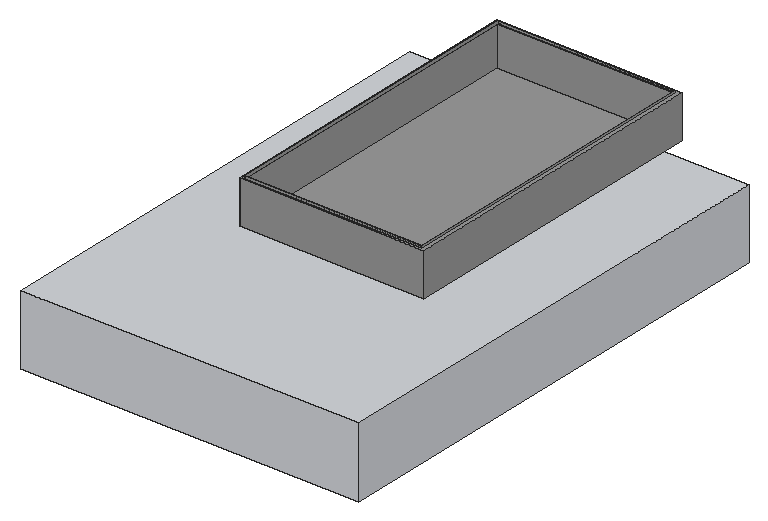
Revit family "Hager-Univers-IP30-D205-H1400-Cl.II-Encl-CH-it", category Equipement électrique, Revit 2020
Family settings
  Hôte = Face
  Configuration du panneau = Deux colonnes, circuits au sein
  Cote de connecteur circulaire = Utiliser le diamètre
  Type d'élément = Tableau de raccordement
  Couper avec des vides une fois chargée = Non
  Partagée = Non
  Point de calcul de pièce = Non
Parameters (values of type "A parete IP30 L800 A1400 P205  - FP93Q1S")
  Width Control [instance] = if([EF000008 - Larghezza] > Min Width, [EF000008 - Larghezza], Min Width)  # 800 mm
  Commentaires du type = [HG000003 - Gamma]  # "Univers"
  Thickness Door [instance] = if([EF009171 - spessore materiale porta/coperchio] > 3 mm, 3 mm, [EF009171 - spessore materiale porta/coperchio])  # 1 mm
  Seal Frame Offset [instance] = 17 mm  # constant formula
  Plinth Visibility [instance] = [HG000027 - Altezza dello zoccolo] > 0 mm  # no
  Model = ""
  Min Width [instance] = 100 mm  # constant formula
  Min Height [instance] = 100 mm  # constant formula
  Min Depth [instance] = (2 * [EF009170 - spessore materiale scatola]) + 1 mm  # 3 mm
  Internal Frame Depth [instance] = (Door System Depth * 0.5)  # 9 mm
  Height Control [instance] = if([EF000040 - Altezza] > Min Height, [EF000040 - Altezza], Min Height)  # 1400 mm
  HG000027 - Altezza dello zoccolo = 0 mm
  HG000026 - A pavimento = no
  HG000024 - Altezza della sezione inferiore = 800 mm
  HG000023 - Custodia a doppia sezione = no
  HG000016 - Visibilità delle porte nella vista 3D [instance] = yes
  HG000015 - Visibilità attraverso la porta [instance] = no
  HG000014 - Porta destra [instance] = yes
  HG000013 - Porta sinistra [instance] = not([HG000014 - Porta destra])  # no
  HG000012 - Angolo di apertura della porta [instance] = 30.00°
  HG000010 - Porte asimmetriche = no
  HG000009 - Porta doppia a battente = no
  HG000006 - Ad incasso = no
  HG000004 - Codice produttore = "FP93Q1S"
  HG000003 - Gamma = "Univers"
  HG000002 - Con porta = no
  Frame Offset Bottom [instance] = 10 mm  # constant formula
  Frame Offset [instance] = 15 mm  # constant formula
  EF015940 - Coprire con rilascio di sovrapressione = no
  EF011959 - tipo di protezione (NEMA) = ""
  EF009554 - numero delle aperture per la piastra della flangia = 6
  Fabricant = "Hager"  # constant formula
  EF009212 - esecuzione coperchio = "EV009916 - con taglio"
  EF009171 - spessore materiale porta/coperchio = 1 mm
  EF009170 - spessore materiale scatola = 1 mm
  EF008873 - corrente nominale (In) = 250 A
  EF007800 - adatto per parafulmine = no
  EF006306 - con serratura = no
  EF006244 - coperchio/porta trasparente = no
  EF005474 - grado di protezione (IP) = "EV006410 - IP30"
  EF004464 - tipo di porta = "EV000494 - senza"
  EF004427 - numero di moduli = 324
  EF004293 - resistenza agli urti = "EV006813 - IK07"
  EF003532 - adatto per uso esterno = no
  EF002950 - Numero moduli DIN = 36
  EF001613 - Integrità del circuito = "EV000494 - senza"
  EF001596 - Attacco Lampada = "EV000179 - acciaio"
  EF001131 - profondità interna = 130 mm
  EF001088 - possibilità di applicazione = yes
  EF000437 - numero di ingressi per conduttori = 6
  EF000339 - tipo di copertura = "EV000494 - senza"
  EF000266 - numero di file = 9
  EF000218 - profondità di incasso = 0 mm
  EF000118 - con piastra di montaggio = no
  EF000116 - numero RAL = "9010"
  EF000049 - profondità = 205 mm
  EF000040 - Altezza = 1400 mm
  EF000008 - Larghezza = 800 mm
  EF000007 - colore = "EV000202 - bianco"
  EF000003 - Tipo di montaggio = "EV000384 - A parete"
  Door System Leaf Tolerance [instance] = 1.5 mm  # constant formula
  Door System Depth [instance] = 18 mm  # constant formula
  Door Height [instance] = Height Control - [HG000027 - Altezza dello zoccolo]  # 1400 mm
  Depth Control [instance] = if([EF000049 - profondità] > Min Depth, [EF000049 - profondità], Min Depth)  # 205 mm
  Default Elevation = 0 mm
  Connector Offset [instance] = Height Control / 2  # 700 mm
  Bottom Top Plate Trim [instance] = 1.5 mm  # constant formula
  Plinth height Ctrl [instance] = if([HG000027 - Altezza dello zoccolo] > 0 mm, [HG000027 - Altezza dello zoccolo], 12 mm)  # 12 mm
Types (5, lengths in mm): name | Width Control | HG000004 - Codice produttore | EF009554 - numero delle aperture per la piastra della flangia | EF004427 - numero di moduli | EF002950 - Numero moduli DIN | EF000437 - numero di ingressi per conduttori | EF000008 - Larghezza
  A parete IP30 L1050 A1400 P205  - FP94Q1S | 1050 | "FP94Q1S" | 8 | 432 | 48 | 8 | 1050
  A parete IP30 L1300 A1400 P205  - FP95Q1S | 1300 | "FP95Q1S" | 10 | 540 | 60 | 10 | 1300
  A parete IP30 L300 A1400 P205  - FP91Q1S | 300 | "FP91Q1S" | 2 | 108 | 12 | 2 | 300
  A parete IP30 L550 A1400 P205  - FP92Q1S | 550 | "FP92Q1S" | 4 | 216 | 24 | 4 | 550
  A parete IP30 L800 A1400 P205  - FP93Q1S | 800 | "FP93Q1S" | 6 | 324 | 36 | 6 | 800
Reference planes
  plane 1 "Center (Front/Back)": y = 0
  plane 2: z = 0
  plane 3 "Center (Left/Right)": x = 0
  plane 4: z = 205
  plane 5: y = 1
  plane 6: y = 700
  plane 7: y = 0
  plane 8: y = 1400
  plane 9: z = 0
  plane 10: x = -385
  plane 11: x = 385
  plane 12: x = 384
  plane 13: x = -384
  plane 14: y = 1399
  plane 15: x = -383
  plane 16: x = -400
  plane 17: x = 383
  plane 18: x = 400
  plane 19: x = 399
  plane 20: x = -399
  plane 21: y = 11
  plane 22: y = 1400
  plane 23: y = 1384
  plane 24: z = 187
  plane 25: z = 1
  plane 26: z = 186
  plane 27: z = 204
Forms (mm)
  Extrusion 1, solid
    sketch origin (0, 0, 0) x (1, 0, 0) y (0, 1, 0)
      loop
        line (-702.964, 1305) -> (-702.964, -811.445) -> (766.763, -811.445) -> (766.763, 1305) -> (-702.964, 1305)
    from 0 to -304.8
  Extrusion 2, solid, material "Hager_Steel_RAL7035_Light_Grey", visible <- "Plinth Visibility", detail levels medium+fine
    sketch origin (0, 0, 0) x (1, 0, 0) y (0, 1, 0)
      loop
        line (-400, 0) -> (400, 0) -> (400, 12) -> (-400, 12) -> (-400, 0)
    from 0 to 187
  Extrusion 3, solid, material "Hager_Steel_RAL7035_Light_Grey", detail levels medium+fine
    sketch origin (0, 0, 0) x (1, 0, 0) y (0, 1, 0)
      loop
        line (-400, 0) -> (400, 0) -> (400, 1400) -> (-400, 1400) -> (-400, 0)
    from 0 to 187
  Extrusion 4, void
    sketch origin (0, 0, 0) x (1, 0, 0) y (0, 1, 0)
      loop
        line (-399, 1) -> (399, 1) -> (399, 1399) -> (-399, 1399) -> (-399, 1)
    from 1 to 186
  Extrusion 5, void
    sketch origin (-381.607, -4572, 187) x (0, -1, 0) y (-1, 0, 0)
      loop
        line (-4583, 2.393) -> (-5956, 2.393) -> (-5956, -765.607) -> (-4583, -765.607) -> (-4583, 2.393)
    from 0 to 1 <- "EF009170 - spessore materiale scatola"
  Extrusion 6, solid, material "Hager_Steel_RAL7035_Light_Grey", detail levels fine
    sketch origin (0, 0, 187) x (1, 0, 0) y (0, 1, 0)
      loop
        line (-384, 1384) -> (-384, 11) -> (384, 11) -> (384, 1384) -> (-384, 1384)
      loop
        line (-385, 10) -> (385, 10) -> (385, 1385) -> (-385, 1385) -> (-385, 10)
    from 0 to 9 <- "Internal Frame Depth"
  Extrusion 7, solid, material "Hager_Steel_RAL7035_Light_Grey", detail levels coarse
    sketch origin (0, 0, 0) x (1, 0, 0) y (0, 1, 0)
      loop
        line (-400, 0) -> (400, 0) -> (400, 1400) -> (-400, 1400) -> (-400, 0)
    from 0 to 205
  Sweep 8, void
    path in 3D
      loop
        line (-400, 12, 0) -> (400, 12, 0) -> (400, 12, 187) -> (-400, 12, 187) -> (-400, 12, 0)
    profile origin (-400, 12, 93.5) x (-1, 0, 0) y (0, -1, 0)
      loop
        line (0, 0) -> (0, 1.5) -> (-1.5, 1.5)
        arc (-1.5, 1.5) -> (-1.061, 0.439) -> (0, 0) r 1.5
Cuts and joins
  Extrusion 4, Extrusion 5 cuts Extrusion 3
  Sweep 8 cuts Extrusion 2
Lines and regions (mm)
  Masking region 1
    outline origin (0, 0, 0) x (1, 0, 0) y (0, 0, 1)
      loop
        line (-400, 205) -> (-400, 0) -> (400, 0) -> (400, 205) -> (-400, 205)
  Masking region 2, detail levels medium+fine
    outline origin (0, 140, 0) x (0, 1, 0) y (0, 0, 1)
      loop
        line (-140, 0) -> (1260, 0) -> (1260, 187) -> (-140, 187) -> (-140, 0)
  Masking region 3, not visible, detail levels medium+fine
    outline origin (0, 297.922, 0) x (0, 1, 0) y (0, 0, 1)
      loop
        line (413.578, 0) -> (453.578, 0) -> (453.578, 194)
        arc (453.578, 194) -> (450.649, 201.071) -> (443.578, 204) r 10
        line (443.578, 204) -> (413.578, 204) -> (413.578, 0)
  Masking region 4, detail levels coarse
    outline origin (0, 0, 180) x (0, 1, 0) y (0, 0, 1)
      loop
        line (0, -180) -> (1400, -180) -> (1400, 25) -> (0, 25) -> (0, -180)
  Masking region 5, visible <- "Plinth Visibility", detail levels medium+fine
    outline origin (0, 52.24, 12.345) x (0, 0, -1) y (0, 1, 0)
      loop
        line (10.845, -40.24) -> (-173.155, -40.24)
        arc (-173.155, -40.24) -> (-173.594, -41.301) -> (-174.655, -41.74) r 1.5
        line (-174.655, -41.74) -> (-174.655, -52.24) -> (12.345, -52.24) -> (12.345, -41.74)
        arc (12.345, -41.74) -> (11.285, -41.301) -> (10.845, -40.24) r 1.5
  Masking region 6, detail levels medium+fine
    outline origin (-381.607, -4572, 187) x (-1, 0, 0) y (0, -1, 0)
      loop
        line (18.393, -5972) -> (18.393, -4572) -> (-781.607, -4572) -> (-781.607, -5972) -> (18.393, -5972)
  Masking region 7, visible <- "Plinth Visibility", detail levels medium+fine
    outline origin (-381.607, -4727, 187) x (-1, 0, 0) y (0, -1, 0)
      loop
        arc (16.893, -4739) -> (17.332, -4737.939) -> (18.393, -4737.5) r 1.5
        line (18.393, -4737.5) -> (18.393, -4727) -> (-781.607, -4727) -> (-781.607, -4737.5)
        arc (-781.607, -4737.5) -> (-780.546, -4737.939) -> (-780.107, -4739) r 1.5
        line (-780.107, -4739) -> (16.893, -4739)
  Masking region 8, detail levels coarse
    outline origin (-442.548, -4669.526, 187) x (-1, 0, 0) y (0, -1, 0)
      loop
        line (-42.548, -6069.526) -> (-42.548, -4669.526) -> (-842.548, -4669.526) -> (-842.548, -6069.526) -> (-42.548, -6069.526)
  sketch lines
    curve 1: line (-400, 12, 187) -> (-400, 12, 0)
    curve 2: line (400, 12, 187) -> (-400, 12, 187)
    curve 3: line (400, 12, 187) -> (400, 12, 0)
    curve 4: line (-400, 12, 0) -> (400, 12, 0)
Dimensions and locks
  "Depth Control": plane 4 to Extrusion 1
  "HG000027 - Altezza dello zoccolo": plane 1 "Center (Front/Back)" to plane 7
  "EF009170 - spessore materiale scatola": plane 5 to plane 7
  locked: connector elem to plane 3 "Center (Left/Right)"
  equal spacing: plane 8, plane 6, plane 7
  locked: connector elem to plane 6
  "EF009170 - spessore materiale scatola": plane 8 to plane 14
  "EF009170 - spessore materiale scatola": plane 10 to plane 13
  "EF009170 - spessore materiale scatola": plane 12 to plane 11
  "Frame Offset": plane 20 to plane 13
  "Frame Offset": plane 12 to plane 19
  "EF009170 - spessore materiale scatola": plane 16 to plane 20
  "EF009170 - spessore materiale scatola": plane 19 to plane 18
  "Seal Frame Offset": plane 16 to plane 15
  "Seal Frame Offset": plane 17 to plane 18
  "Frame Offset Bottom": plane 21 to plane 5
  "Frame Offset": plane 14 to plane 23
  equal spacing: plane 16, plane 3 "Center (Left/Right)", plane 18
  "Width Control": plane 16 to plane 18
  "EF009170 - spessore materiale scatola": plane 4 to plane 27
  "EF009170 - spessore materiale scatola": plane 24 to plane 26
  "EF009170 - spessore materiale scatola": plane 25 to level
  "Door System Depth": plane 4 to plane 24
  "Height Control": plane 1 "Center (Front/Back)" to Extrusion 7 sketch curve
  "Height Control": Masking region 4 sketch curve to plane 1 "Center (Front/Back)"
  "Height Control": plane 1 "Center (Front/Back)" to plane 22
  "Bottom Top Plate Trim": profile plane to Sweep 8 sketch curve
  "Bottom Top Plate Trim": Sweep 8 sketch curve to profile plane
  "Plinth height Ctrl": plane 1 "Center (Front/Back)" to Extrusion 2 sketch curve
  "Plinth height Ctrl": Masking region 5 sketch curve to plane 1 "Center (Front/Back)"
  "Plinth height Ctrl": plane 1 "Center (Front/Back)" to Masking region 7 sketch curve
  "Thickness Door": Extrusion 6 sketch curve to Extrusion 6 sketch curve  (x3)
  "Thickness Door": cut or joined group of Extrusion 3, Extrusion 4, Extrusion 5 to Extrusion 6 sketch curve
  radius of Masking region 3 sketch curve = 10 mm
  "Bottom Top Plate Trim": radius of Masking region 5 sketch curve  (x2)
  "Bottom Top Plate Trim": radius of Sweep 8 sketch curve
  "Bottom Top Plate Trim": radius of Masking region 7 sketch curve  (x2)
  aligned and locked: plane 2 to Extrusion 1
  aligned and locked: level to Extrusion 1
  aligned and locked: level to Masking region 1 sketch curve
  aligned and locked: Masking region 1 sketch curve to plane 18
  aligned and locked: Masking region 1 sketch curve to plane 16
  aligned and locked: plane 7 to Masking region 2 sketch curve
  aligned and locked: level to Masking region 3 sketch curve
  aligned and locked: Masking region 3 sketch curve to plane 27
  aligned and locked: level to Masking region 2 sketch curve
  aligned and locked: plane 1 "Center (Front/Back)" to Extrusion 2 sketch curve
  aligned and locked: Extrusion 3 sketch curve to plane 7
  aligned and locked: plane 16 to Extrusion 3 sketch curve
  aligned and locked: plane 18 to Extrusion 3 sketch curve
  aligned and locked: plane 20 to Extrusion 4 sketch curve
  aligned and locked: plane 19 to Extrusion 4 sketch curve
  aligned and locked: Extrusion 4 sketch curve to plane 5
  aligned and locked: Extrusion 4 to plane 25
  aligned and locked: plane 26 to Extrusion 4
  aligned and locked: plane 24 to Extrusion 3
  aligned and locked: Extrusion 5 sketch curve to plane 21
  aligned and locked: Extrusion 5 sketch curve to plane 13
  aligned and locked: Extrusion 5 sketch curve to plane 12
  aligned and locked: plane 18 to Extrusion 7 sketch curve
  aligned and locked: plane 1 "Center (Front/Back)" to Extrusion 7 sketch curve
  aligned and locked: plane 16 to Extrusion 7 sketch curve
  aligned and locked: plane 4 to Extrusion 7
  aligned and locked: Extrusion 7 to level
  aligned and locked: level to Masking region 4 sketch curve
  aligned and locked: Masking region 4 sketch curve to plane 1 "Center (Front/Back)"
  aligned and locked: Masking region 4 sketch curve to plane 4
  aligned and locked: nested 1 to level
  aligned and locked: nested 1 to plane 16
  aligned and locked: plane 8 to Extrusion 3 sketch curve
  aligned and locked: plane 23 to Extrusion 5 sketch curve
  aligned and locked: plane 14 to Extrusion 4 sketch curve
  aligned and locked: Masking region 2 sketch curve to plane 8
  aligned and locked: level to Masking region 5 sketch curve
  aligned and locked: plane 16 to Extrusion 2 sketch curve
  aligned and locked: plane 18 to Extrusion 2 sketch curve
  aligned and locked: Masking region 5 sketch curve to plane 24
  aligned and locked: Masking region 2 sketch curve to plane 24
  aligned and locked: plane 24 to Extrusion 2
  aligned and locked: profile plane to Sweep 8 sketch curve  (x2)
  aligned and locked: Masking region 6 sketch curve to plane 18
  aligned and locked: Masking region 6 sketch curve to plane 22
  aligned and locked: Masking region 6 sketch curve to plane 16
  aligned and locked: plane 8 to plane 22
  aligned and locked: Masking region 6 sketch curve to plane 7
  aligned and locked: Masking region 7 sketch curve to plane 16
  aligned and locked: Masking region 7 sketch curve to plane 1 "Center (Front/Back)"
  aligned and locked: Masking region 7 sketch curve to plane 18
  aligned and locked: Masking region 8 sketch curve to plane 1 "Center (Front/Back)"
  aligned and locked: Masking region 8 sketch curve to plane 18
  aligned and locked: Masking region 8 sketch curve to plane 22
  aligned and locked: Masking region 8 sketch curve to plane 16
  aligned and locked: nested 2 to plane 7
  aligned and locked: plane 3 "Center (Left/Right)" to nested 2
  aligned and locked: nested 2 to plane 24
  aligned and locked: Extrusion 6 sketch curve to cut or joined group of Extrusion 3, Extrusion 4, Extrusion 5  (x4)
Automatic sketch dimensions
  Extrusion 1 sketch curve to Extrusion 1 sketch curve = 1469.727 mm
  Extrusion 1 sketch curve to Extrusion 1 sketch curve = 2116.445 mm
  Masking region 1 sketch curve to plane 4 = 0 mm
  plane 6 to Masking region 3 sketch curve = 11.5 mm
  Masking region 3 sketch curve to Masking region 3 sketch curve = 30 mm
  Masking region 5 sketch curve to plane 1 "Center (Front/Back)" = 0 mm
Nested families
  nested 1: "Hager_Enclosure_Symbol" at (-400, 0, 0) x (1, 0, 0) z (0, -1, 0), Height <- "Depth Control", Width <- "Width Control", type "Hager_Enclosure_Symbol"
    with Width_Ctrl 800 mm, Width 800 mm, Height_Ctrl 205 mm, Height 205 mm, A_Width_Int 13.453 mm, A_Width 161.438 mm, A_Height_Ctrl 179.375 mm, A_Height 179.375 mm
  nested 2: "EC000058_Univers_Door" at (0, 0, 187) x (1, 0, 0) z (0, 1, 0), Leaf_Tolerance <- "Door System Leaf Tolerance", Angle <- "HG000012 - Angolo di apertura della porta", Door_Depth <- "Door System Depth", Door_Left <- "HG000013 - Porta sinistra", Transparent <- "EF006244 - coperchio/porta trasparente", Assymetrical <- "HG000010 - Porte asimmetriche", Width <- "Width Control", Clearance <- "HG000015 - Visibilità attraverso la porta", Double <- "HG000009 - Porta doppia a battente", 3d_Door <- "HG000016 - Visibilità delle porte nella vista 3D", Lock_Visibility <- "EF006306 - con serratura", Width_Ctrl <- "Width Control", Door_Right <- "HG000014 - Porta destra", Door <- "HG000002 - Con porta", Height <- "Door Height", Thickness <- "Thickness Door", type "EC000058_Univers_Door", detail levels medium+fine
    with min_wh 3 mm, Width_Ctrl 800 mm, Width 800 mm, Transparent no, Thickness 1 mm, Seal_Material Hager_Rubber, Lock_Visibility no, Lock_Material Hager_Plastic_RAL9005_Jet_Black, Leaf_Width 800 mm, Leaf_Tolerance_External_Sides 0 mm, Leaf_Tolerance 1.5 mm, Leaf_Offset 0 mm, Leaf_Height 1397 mm, Leaf_2_Width 800 mm, Leaf_2_Offset 400 mm, Leaf_1_Width 800 mm, Leaf_1_Offset 400 mm, Height_Ctrl 1400 mm, Height 1400 mm, Glass_Material Hager_Glass, Double_Clearance_Ctrl no, Double no, Door_Right_Ctrl no, Door_Right yes, Door_Material Hager_Steel_RAL7035_Light_Grey, Door_Left_Ctrl no, Door_Left no, Door_Depth 18 mm, Door no, Clearance_Material Hager_Clearance, Clearance_Depth 800 mm, Clearance_Ctrl no, Clearance no, Assymetrical no, Angle 30.00°, 3d_Door yes
Connectors
  electrical at (0, 700, 0)
    settings: on plane 9, index 1, voltage 0 V, apparent load 0 VA, apparent load phase1 0 VA, apparent load phase2 0 VA, apparent load phase3 0 VA, power factor 1, load classification "Other", number of poles 1, system type 30, power factor state 1, is connector primary yes, connector utility no, sub classification motor no, connector description ""
Definition of nested family "Hager_Enclosure_Symbol"
  Parameters (values of type "Hager_Enclosure_Symbol")
    Width_Ctrl [instance] = if(Width > 1 mm, Width, 1 mm)  # 102.27 mm
    Width [instance] = 102.27 mm
    Height_Ctrl [instance] = if(Height > 1 mm, Height, 1 mm)  # 66.5 mm
    A_Width_Int [instance] = if(A_Width / 12 > 2 mm, A_Width / 12, 2 mm)  # 4.364 mm
    A_Width [instance] = if(A_Height_Ctrl * 0.9 > 2 mm, A_Height_Ctrl * 0.9, 2 mm)  # 52.369 mm
    A_Height_Ctrl [instance] = if(A_Height > 2 mm, A_Height, 2 mm)  # 58.188 mm
    Height [instance] = 66.5 mm
    A_Height [instance] = Height - (Height / 8)  # 58.188 mm
  Reference planes
    plane 1 "Centre (avant/arrière)": y = 0
    plane 2: z = 0
    plane 3 "Centre (gauche/droite)": x = 0
    plane 4: x = 52.369
    plane 5: y = 33.042
    plane 6: y = 41.77
    plane 7: y = 66.5
    plane 8: x = 26.184
    plane 9: y = 37.406
    plane 10: x = 102.27
    plane 11: y = 66.5
    plane 12: y = 8.313
  Lines and regions (mm)
    Filled region 1, type "Solid_Black", in view "Niveau de réf."
      outline origin (0, 0, 0) x (1, 0, 0) y (0, 1, 0)
        loop
          line (52.369, 66.5) -> (33.188, 54.536) -> (45.365, 45.006) -> (52.369, 66.5)
    Filled region 2, type "Solid_Black", in view "Niveau de réf."
      outline origin (0, 0, 0) x (1, 0, 0) y (0, 1, 0)
        loop
          line (0, 0) -> (102.27, 0) -> (102.27, 66.5) -> (0, 0)
    detail lines, in view "Niveau de réf."
      curve 1: line (0, 8.313, 0) -> (26.184, 41.77, 0)
      curve 2: line (26.184, 41.77, 0) -> (26.184, 33.042, 0)
      curve 3: line (26.184, 33.042, 0) -> (52.369, 66.5, 0)
  Dimensions and locks
    "A_Width": plane 3 "Centre (gauche/droite)" to plane 4
    equal spacing: plane 3 "Centre (gauche/droite)", plane 8, plane 4
    equal spacing: plane 6, plane 9, plane 5
    equal spacing: curve 3, Filled region 1 sketch curve, Filled region 1 sketch curve
    "Height_Ctrl": plane 1 "Centre (avant/arrière)" to plane 11
    "A_Height_Ctrl": plane 11 to plane 12
    equal spacing: plane 11, plane 9, plane 12
    "A_Width_Int": plane 6 to plane 9
    "Width_Ctrl": plane 3 "Centre (gauche/droite)" to plane 10
    angle Filled region 1 sketch curve to curve 3 = 20.00°
    angle curve 3 to Filled region 1 sketch curve = 20.00°
    locked: curve 3 to Filled region 1 sketch curve (angle 90.00°)
    aligned and locked: plane 10 to Filled region 2
    aligned and locked: plane 11 to Filled region 2 sketch curve
    aligned and locked: plane 10 to Filled region 2 sketch curve
    aligned and locked: plane 3 "Centre (gauche/droite)" to curve 1
    aligned and locked: plane 12 to curve 1
    aligned and locked: plane 7 to plane 11
  Automatic sketch dimensions
    Filled region 1 sketch curve to plane 4 = 0 mm
    Filled region 1 sketch curve to plane 7 = 0 mm
    plane 1 "Centre (avant/arrière)" to Filled region 2 sketch curve = 0 mm
    Filled region 2 sketch curve to plane 3 "Centre (gauche/droite)" = 0 mm
    curve 2 to plane 6 = 0 mm
    curve 2 to plane 8 = 0 mm
    curve 3 to plane 4 = 0 mm
    curve 2 to plane 5 = 0 mm
    curve 3 to plane 7 = 0 mm
Definition of nested family "EC000058_Univers_Door"
  Parameters (values of type "EC000058_Univers_Door")
    min_wh [instance] = (2 * Thickness) + 1 mm  # 11 mm
    Width_Ctrl [instance] = 400 mm
    Width [instance] = 500 mm
    Transparent [instance] = yes
    Thickness [instance] = 5 mm
    Seal_Material [instance] = none
    Lock_Visibility [instance] = yes
    Lock_Material [instance] = none
    Leaf_Width [instance] = if((Width_Ctrl - 2 * Leaf_Tolerance_External_Sides) > 0 mm, (Width_Ctrl - 2 * Leaf_Tolerance_External_Sides), min_wh)  # 400 mm
    Leaf_Tolerance_External_Sides [instance] = 0 mm  # constant formula
    Leaf_Tolerance [instance] = 1.5 mm
    Leaf_Offset [instance] = 0 mm  # constant formula
    Leaf_Height [instance] = if((Height_Ctrl - 2 * Leaf_Tolerance) > 0 mm, (Height_Ctrl - 2 * Leaf_Tolerance), min_wh)  # 497 mm
    Leaf_2_Width [instance] = if(and(and(Double, Assymetrical), Door_Left), (Leaf_Width / 3) - (Leaf_Tolerance / 2), if(and(and(Double, Assymetrical), Door_Right), (Leaf_Width / 3) * 2 - (Leaf_Tolerance / 2), if(and(Double, not(Assymetrical)), (Leaf_Width / 2) - Leaf_Tolerance, Leaf_Width)))  # 400 mm
    Leaf_2_Offset [instance] = if(and(Double, Assymetrical), Leaf_2_Width / 2, if(and(Double, not(Assymetrical)), Leaf_Width / 4, Leaf_Width / 2))  # 200 mm
    Leaf_1_Width [instance] = if(and(and(Double, Assymetrical), Door_Right), (Leaf_Width / 3) - (Leaf_Tolerance / 2), if(and(and(Double, Assymetrical), Door_Left), (Width / 3) * 2 - (Leaf_Tolerance / 2), if(and(Double, not(Assymetrical)), (Leaf_Width / 2) - Leaf_Tolerance, Leaf_Width)))  # 400 mm
    Leaf_1_Offset [instance] = if(and(Double, Assymetrical), Leaf_1_Width / 2, if(and(Double, not(Assymetrical)), Leaf_Width / 4, Leaf_Width / 2))  # 200 mm
    Height_Ctrl [instance] = if(Height > min_wh, Height, min_wh)  # 500 mm
    Height [instance] = 500 mm
    Glass_Material [instance] = none
    Double_Clearance_Ctrl [instance] = and(Double, Clearance)  # no
    Double [instance] = no
    Door_Right_Ctrl [instance] = and(or(Door_Right, Double), Door)  # yes
    Door_Right [instance] = yes
    Door_Material [instance] = none
    Door_Left_Ctrl [instance] = and(or(Door_Left, Double), Door)  # no
    Door_Left [instance] = no
    Door_Depth [instance] = 30 mm
    Door [instance] = yes
    Default Elevation = 1219.2 mm
    Clearance_Material [instance] = none
    Clearance_Depth [instance] = if(Leaf_1_Width > Leaf_2_Width, Leaf_1_Width, Leaf_2_Width)  # 400 mm
    Clearance_Ctrl [instance] = and(not(Double), Clearance)  # yes
    Clearance [instance] = yes
    Assymetrical [instance] = yes
    Angle [instance] = 30.00°
    3d_Door [instance] = yes
  Reference planes
    plane 1 "Center (Front/Back)": y = 0
    plane 2 "Bottom": z = 0
    plane 3 "Center (Left/Right)": x = 0
    plane 4: z = 500
    plane 5: x = -200
    plane 6: x = 200
    plane 7: z = 500
    plane 8: x = -200
    plane 9: z = 0
    plane 10: x = 200
    plane 11: y = 0
    plane 12: z = 1.5
    plane 13: x = -600
    plane 14: y = -400
    plane 15: x = 600
    plane 16: x = 0
    plane 17: x = 0
    plane 18: x = -200
    plane 19: x = 200
    plane 20: z = 498.5
  Forms (mm)
    Extrusion 1, solid, material <- "Clearance_Material", visible <- "Double_Clearance_Ctrl"
      sketch origin (1200, 0, 0) x (1, 0, 0) y (0, 0, -1)
        loop
          line (-1800, -498.5) -> (-600, -498.5) -> (-600, 0) -> (-1800, 0) -> (-1800, -498.5)
      from 0 to -400
  Dimensions and locks
    equal spacing: plane 5, plane 3 "Center (Left/Right)", plane 6
    "Width_Ctrl": plane 5 to plane 6
    "Leaf_Offset": plane 5 to plane 8
    "Leaf_Offset": plane 6 to plane 10
    "Leaf_Offset": plane 9 to level
    "Leaf_Offset": plane 4 to plane 7
    "Height_Ctrl": plane 4 to level
    "Leaf_Tolerance": plane 12 to plane 9
    locked: plane 11 to plane 1 "Center (Front/Back)"
    "Leaf_1_Offset": plane 18 to plane 16
    "Leaf_2_Offset": plane 17 to plane 19
    "Leaf_1_Width": plane 13 to plane 8
    "Leaf_2_Width": plane 10 to plane 15
    "Clearance_Depth": plane 14 to plane 1 "Center (Front/Back)"
    "Leaf_Tolerance_External_Sides": plane 8 to plane 18
    "Leaf_Tolerance_External_Sides": plane 19 to plane 10
    "Leaf_Tolerance": plane 7 to plane 20
    aligned and locked: level to plane 2 "Bottom"
    aligned and locked: nested 1 to plane 16
    aligned and locked: nested 2 to plane 17
    aligned and locked: Extrusion 1 to plane 13
    aligned and locked: plane 15 to Extrusion 1
    aligned and locked: Extrusion 1 to plane 14
    aligned and locked: plane 12 to nested 1
    aligned and locked: nested 2 to plane 12
    aligned and locked: Extrusion 1 to plane 11
    aligned and locked: plane 20 to Extrusion 1
    aligned and locked: nested 2 to plane 11
    aligned and locked: nested 1 to plane 11
  Automatic sketch dimensions
    Extrusion 1 sketch curve to level = 0 mm
    plane 5 to Extrusion 1 sketch curve = 400 mm
    plane 6 to Extrusion 1 sketch curve = 400 mm
    Extrusion 1 sketch curve to plane 4 = 1.5 mm
  Nested families
    nested 1: "EC000058_Univers_Door_Leaf" at (0, 0, 1.5), Width <- "Leaf_1_Width", visible <- "Door_Left_Ctrl", Leaf_Height <- "Leaf_Height", Angle <- "Angle", 3d_Door <- "3d_Door", Transparent <- "Transparent", Clearance Material <- "Clearance_Material", Clearance <- "Clearance_Ctrl", Door_Material <- "Door_Material", Glass_Material <- "Glass_Material", Door_Depth <- "Door_Depth", Lock_Material <- "Lock_Material", Seal_Material <- "Seal_Material", Lock_Visibility <- "Lock_Visibility", Thickness <- "Thickness", type "EC000058_Univers_Door_Leaf"
      with Width 400 mm, Transparent_Glass_Offset 30 mm, Transparent_Ctrl yes, Transparent yes, Thickness 5 mm, Standard no, Seal_Material none, Seal_D2 8 mm, Seal_D1 1 mm, Offset_Internal_Frame 10 mm, Lock_Width 20 mm, Lock_Visibility_3d yes, Lock_Visibility yes, Lock_Thickness_3 3 mm, Lock_Thickness_2 1 mm, Lock_Thickness_1 3 mm, Lock_Radius_Offset_2 16 mm, Lock_Radius_Offset_1 15 mm, Lock_Radius_2 5 mm, Lock_Radius 6 mm, Lock_Offset 5 mm, Lock_Material none, Lock_Height 80 mm, Lock_Cover_Top_Offset_2d 17 mm, Lock_Cover_Height -65 mm, Leaf_Height 497 mm, Internal_Seal_Thickness 8 mm, Internal_Seal_Depth_2 4.5 mm, Internal_Frame_Depth 25 mm, Glass_Thickness -1 mm, Glass_Offset -2 mm, Glass_Material none, Door_Material none, Door_Depth 30 mm, Clearance Material none, Clearance yes, Angle_Ctrl 30.00°, Angle 30.00°, 3d_Door yes
    nested 2: "EC000058_Univers_Door_Leaf" at (0, 0, 1.5) x (-1, 0, 0) z (0, 0, 1), Width <- "Leaf_2_Width", visible <- "Door_Right_Ctrl", Leaf_Height <- "Leaf_Height", Angle <- "Angle", 3d_Door <- "3d_Door", Transparent <- "Transparent", Clearance Material <- "Clearance_Material", Clearance <- "Clearance_Ctrl", Door_Material <- "Door_Material", Glass_Material <- "Glass_Material", Door_Depth <- "Door_Depth", Lock_Material <- "Lock_Material", Seal_Material <- "Seal_Material", Lock_Visibility <- "Lock_Visibility", Thickness <- "Thickness", type "EC000058_Univers_Door_Leaf"
      with Width 400 mm, Transparent_Glass_Offset 30 mm, Transparent_Ctrl yes, Transparent yes, Thickness 5 mm, Standard no, Seal_Material none, Seal_D2 8 mm, Seal_D1 1 mm, Offset_Internal_Frame 10 mm, Lock_Width 20 mm, Lock_Visibility_3d yes, Lock_Visibility yes, Lock_Thickness_3 3 mm, Lock_Thickness_2 1 mm, Lock_Thickness_1 3 mm, Lock_Radius_Offset_2 16 mm, Lock_Radius_Offset_1 15 mm, Lock_Radius_2 5 mm, Lock_Radius 6 mm, Lock_Offset 5 mm, Lock_Material none, Lock_Height 80 mm, Lock_Cover_Top_Offset_2d 17 mm, Lock_Cover_Height -65 mm, Leaf_Height 497 mm, Internal_Seal_Thickness 8 mm, Internal_Seal_Depth_2 4.5 mm, Internal_Frame_Depth 25 mm, Glass_Thickness -1 mm, Glass_Offset -2 mm, Glass_Material none, Door_Material none, Door_Depth 30 mm, Clearance Material none, Clearance yes, Angle_Ctrl 30.00°, Angle 30.00°, 3d_Door yes
  Definition of nested family "EC000058_Univers_Door_Leaf"
    Parameters (values of type "EC000058_Univers_Door_Leaf")
      Width [instance] = 2000 mm
      Transparent_Glass_Offset [instance] = 30 mm
      Transparent_Ctrl [instance] = and(Transparent, [3d_Door])  # yes
      Transparent [instance] = yes
      Thickness [instance] = 5 mm
      Standard [instance] = and(not(Transparent), [3d_Door])  # no
      Seal_Material [instance] = none
      Seal_D2 [instance] = 8 mm  # constant formula
      Seal_D1 [instance] = 1 mm  # constant formula
      Offset_Internal_Frame [instance] = 10 mm  # constant formula
      Lock_Width [instance] = 20 mm  # constant formula
      Lock_Visibility_3d [instance] = and(Lock_Visibility, [3d_Door])  # yes
      Lock_Visibility [instance] = yes
      Lock_Thickness_3 [instance] = 3 mm  # constant formula
      Lock_Thickness_2 [instance] = 1 mm  # constant formula
      Lock_Thickness_1 [instance] = 3 mm  # constant formula
      Lock_Radius_Offset_2 [instance] = Lock_Radius_Offset_1 + 1 mm  # 16 mm
      Lock_Radius_Offset_1 [instance] = 15 mm  # constant formula
      Lock_Radius_2 [instance] = Lock_Radius - 1 mm  # 5 mm
      Lock_Radius [instance] = 6 mm  # constant formula
      Lock_Offset [instance] = 5 mm  # constant formula
      Lock_Material [instance] = none
      Lock_Height [instance] = 80 mm  # constant formula
      Lock_Cover_Top_Offset_2d [instance] = Lock_Radius_Offset_2 + 1 mm  # 17 mm
      Lock_Cover_Height [instance] = -(Lock_Height - Lock_Radius_Offset_1)  # -65 mm
      Leaf_Height [instance] = 2720.336 mm
      Internal_Seal_Thickness [instance] = 8 mm  # constant formula
      Internal_Seal_Depth_2 [instance] = 4.5 mm  # constant formula
      Internal_Frame_Depth [instance] = if(Door_Depth - Thickness > 5 mm, Door_Depth - Thickness, 5 mm)  # 25 mm
      Glass_Thickness [instance] = if(Thickness > 15 mm, Glass_Offset + 10 mm, -1 mm)  # -1 mm
      Glass_Offset [instance] = if(Thickness > 15 mm, -(Thickness + 10 mm) / 2, -2 mm)  # -2 mm
      Glass_Material [instance] = none
      Door_Material [instance] = none
      Door_Depth [instance] = 30 mm
      Default Elevation = 0 mm
      Clearance Material [instance] = none
      Clearance [instance] = yes
      Angle_Ctrl [instance] = if(Angle > 180.00°, 180.00°, Angle)  # 90.00°
      Angle [instance] = 90.00°
      3d_Door [instance] = yes
    Reference planes
      plane 1 "Center (Front/Back)": y = 0
      plane 2: z = 0
      plane 3 "Center (Left/Right)": x = 0
      plane 4: y = 2000
      plane 5: x = -1000
      plane 6: x = 1000
      plane 7: x = -3000
      plane 8: z = 2720.336
      plane 9: z = 30
      plane 10: z = 2690.336
      plane 11: x = 970
      plane 12: x = -970
      plane 13: y = -3
      plane 14: z = 107.833
      plane 15: y = -5
      plane 16: y = -223.314
      plane 17: x = -1000
      plane 18: z = 1360.168
      plane 19: y = 30
    Forms (mm)
      Extrusion 1, solid, material <- "Clearance Material", visible <- "Clearance"
        sketch origin (0, 0, 0) x (1, 0, 0) y (0, 0, 1)
          loop
            line (-3000, 2720.336) -> (-3000, 0) -> (1000, 0) -> (1000, 2720.336) -> (-3000, 2720.336)
        from 0 to -2000
      Extrusion 2, solid, material <- "Door_Material", visible <- "Standard", detail levels medium+fine
        sketch origin (-1000, 0, 0) x (0, 1, 0) y (-1, 0, 0)
          loop
            line (0, 30) -> (0, 25) -> (2000, 25) -> (2000, 30) -> (0, 30)
        from 0 to 2720.336 <- "Leaf_Height"
      Extrusion 3, solid, material <- "Door_Material", visible <- "Transparent_Ctrl", detail levels medium+fine
        sketch origin (-1000, 0, 0) x (0, 1, 0) y (-1, 0, 0)
          loop
            line (0, 25) -> (2000, 25) -> (2000, 30) -> (0, 30) -> (0, 25)
        from 0 to 2720.336 <- "Leaf_Height"
      Extrusion 4, void
        sketch origin (-1025, 2000, 0) x (0, 1, 0) y (0, 0, -1)
          loop
            line (-30, -2690.336) -> (-30, -30) -> (-1970, -30) -> (-1970, -2690.336) -> (-30, -2690.336)
        from 0 to 5 <- "Thickness"
      Sweep 5, solid, material <- "Seal_Material", visible <- "Transparent_Ctrl", detail levels fine
        path in 3D
          loop
            line (-1025, 30, 30) -> (-1025, 30, 2690.336) -> (-1025, 1970, 2690.336) -> (-1025, 1970, 30) -> (-1025, 30, 30)
        profile origin (-1025, 1000, 30) x (1, 0, 0) y (0, 0, 1)
          loop
            line (0, 0) -> (0, -8) -> (1, -8) -> (1, 0) -> (0, 0)
      Extrusion 6, solid, material <- "Glass_Material", visible <- "Transparent_Ctrl", detail levels medium+fine
        sketch origin (-1030, 0, 0) x (0, 1, 0) y (0, 0, -1)
          loop
            line (1970, -2690.336) -> (1970, -30) -> (30, -30) -> (30, -2690.336) -> (1970, -2690.336)
        from -2 <- "Glass_Offset" to -1 <- "Glass_Thickness"
      Extrusion 7, solid, material <- "Door_Material", visible <- "3d_Door", detail levels medium+fine
        sketch origin (-1025, 2000, 0) x (0, -1, 0) y (0, 0, -1)
          loop
            line (0, -2720.336) -> (2000, -2720.336) -> (2000, 0) -> (0, 0) -> (0, -2720.336)
          loop
            line (1995, -5) -> (5, -5) -> (5, -2715.336) -> (1995, -2715.336) -> (1995, -5)
        from 0 to 25 <- "Internal_Frame_Depth"
      Sweep 8, solid, material <- "Seal_Material", visible <- "Transparent_Ctrl", detail levels fine
        path in 3D
          loop
            line (-1025, 0, 0) -> (-1025, 2000, 0) -> (-1025, 2000, 2720.336) -> (-1025, 0, 2720.336) -> (-1025, 0, 0)
        profile origin (-1025, 0, 1360.168) x (1, 0, 0) y (0, 1, 0)
          loop
            line (0, 10) -> (2.975, 10)
            arc (2.975, 10) -> (4.053, 10.447) -> (4.5, 11.525) r 1.525
            line (4.5, 11.525) -> (4.5, 16.527)
            arc (4.5, 16.527) -> (4.069, 17.569) -> (3.027, 18) r 1.473
            line (3.027, 18) -> (0, 18) -> (0, 10)
      Extrusion 9, solid, material <- "Lock_Material", visible <- "Lock_Visibility_3d", detail levels fine
        sketch origin (-1030, 0, 0) x (0, 1, 0) y (0, 0, -1)
          loop
            arc (1993.5, -1400.168) -> (1994.561, -1399.729) -> (1995, -1398.668) r 1.5
            line (1995, -1398.668) -> (1995, -1320.168) -> (1975, -1320.168) -> (1975, -1398.668)
            arc (1975, -1398.668) -> (1975.439, -1399.729) -> (1976.5, -1400.168) r 1.5
            line (1976.5, -1400.168) -> (1993.5, -1400.168)
        from 3 <- "Lock_Thickness_1" to 0
      Blend 10, solid, material <- "Lock_Material", visible <- "Lock_Visibility_3d", detail levels fine
        base sketch origin (-1033, 0, 0) x (0, 1, 0) y (0, 0, -1)
          loop
            line (1975, -1320.168) -> (1975, -1398.668)
            arc (1975, -1398.668) -> (1975.439, -1399.729) -> (1976.5, -1400.168) r 1.5
            line (1976.5, -1400.168) -> (1993.5, -1400.168)
            arc (1993.5, -1400.168) -> (1994.561, -1399.729) -> (1995, -1398.668) r 1.5
            line (1995, -1398.668) -> (1995, -1320.168) -> (1975, -1320.168)
        top sketch origin (-1033, 0, 0) x (0, 1, 0) y (0, 0, -1)
          loop
            line (1976, -1320.168) -> (1976, -1398.668)
            arc (1976, -1398.668) -> (1976.146, -1399.022) -> (1976.5, -1399.168) r 0.5
            line (1976.5, -1399.168) -> (1993.5, -1399.168)
            arc (1993.5, -1399.168) -> (1993.854, -1399.022) -> (1994, -1398.668) r 0.5
            line (1994, -1398.668) -> (1994, -1320.168) -> (1976, -1320.168)
        from 0 to 1 <- "Lock_Thickness_2"
      Blend 11, solid, material <- "Lock_Material", visible <- "Lock_Visibility_3d", detail levels fine
        base sketch origin (-1034, 0, 0) x (0, 1, 0) y (0, 0, -1)
          loop
            line (1978, -1320.168) -> (1978, -1384.168)
            arc (1978, -1384.168) -> (1985, -1391.168) -> (1992, -1384.168) r 7
            line (1992, -1384.168) -> (1992, -1320.168) -> (1978, -1320.168)
        top sketch origin (-1034, 0, 0) x (0, 1, 0) y (0, 0, -1)
          loop
            line (1991, -1320.168) -> (1979, -1320.168) -> (1979, -1383.168)
            arc (1979, -1383.168) -> (1985, -1389.168) -> (1991, -1383.168) r 6
            line (1991, -1383.168) -> (1991, -1320.168)
        from 0 to 3 <- "Lock_Thickness_3"
      Extrusion 12, solid, material <- "Lock_Material", visible <- "Lock_Visibility_3d", detail levels fine
        sketch origin (-1030, 1975, 1320.168) x (1, 0, 0) y (0, -1, 0)
          loop
            line (-7, -19) -> (-7, -1) -> (0, -1) -> (0, 0) -> (-8, 0) -> (-8, -20) -> (0, -20) -> (0, -19) -> (-7, -19)
        from 0 to -65 <- "Lock_Cover_Height"
      Extrusion 13, void
        sketch origin (-1038, 1995, 1320.168) x (-1, 0, 0) y (0, 0, -1)
          loop
            line (-5, -65) -> (0, -65) -> (-5, -60) -> (-5, -65)
        from 0 to 20 <- "Lock_Width"
      Extrusion 14, void
        sketch origin (-1038, 1975, 1320.168) x (0, -1, 0) y (0, 0, -1)
          loop
            circle (-10, -15.995) r 6
          loop
            circle (-10, -15.995) r 5
        from 0 to 2
      Extrusion 15, solid, material <- "Lock_Material", visible <- "Lock_Visibility_3d", detail levels medium
        sketch origin (-1030, 0, 0) x (0, 1, 0) y (0, 0, -1)
          loop
            arc (1993.5, -1400.168) -> (1994.561, -1399.729) -> (1995, -1398.668) r 1.5
            line (1995, -1398.668) -> (1995, -1320.168) -> (1975, -1320.168) -> (1975, -1398.668)
            arc (1975, -1398.668) -> (1975.439, -1399.729) -> (1976.5, -1400.168) r 1.5
            line (1976.5, -1400.168) -> (1993.5, -1400.168)
        from 8 to 0
    Cuts and joins
      Extrusion 4 cuts Extrusion 3
      Extrusion 13, Extrusion 14 cuts Extrusion 9
      Extrusion 14 cuts Blend 11
      Extrusion 13, Extrusion 14 cuts Extrusion 12
      joined: Extrusion 9, Blend 10, Blend 11, Extrusion 12
      Extrusion 14 cuts Extrusion 15
    Lines and regions (mm)
      Masking region 1, visible <- "Lock_Visibility", detail levels fine
        outline origin (0, 0, 0) x (0, 1, 0) y (0, 0, 1)
          loop
            line (30, 1320.168) -> (33, 1320.168) -> (33, 1400.168) -> (30, 1400.168) -> (30, 1320.168)
      Masking region 2, visible <- "Lock_Visibility", detail levels fine
        outline origin (0, 3.143, 0) x (0, 1, 0) y (0, 0, 1)
          loop
            line (29.857, 1354.168) -> (30.857, 1354.168) -> (30.857, 1366.168) -> (29.857, 1366.168) -> (29.857, 1354.168)
      Masking region 3, detail levels medium+fine
        outline origin (0, 0, 0) x (0, 1, 0) y (0, 0, 1)
          loop
            line (0, 0) -> (30, 0) -> (30, 2720.336) -> (0, 2720.336) -> (0, 0)
      Masking region 4, detail levels medium+fine
        outline origin (0, 0, 0) x (1, 0, 0) y (0, 0, 1)
          loop
            line (-1000, 2720.336) -> (-1000, 0) -> (1000, 0) -> (1000, 2720.336) -> (-1000, 2720.336)
      Masking region 5, visible <- "Lock_Visibility", detail levels fine
        outline origin (-47.116, 0, 0) x (1, 0, 0) y (0, 0, 1)
          loop
            arc (1024.616, 1399.168) -> (1023.556, 1398.729) -> (1023.116, 1397.668) r 1.5
            line (1023.116, 1397.668) -> (1023.116, 1320.168) -> (1041.116, 1320.168) -> (1041.116, 1397.668)
            arc (1041.116, 1397.668) -> (1040.677, 1398.729) -> (1039.616, 1399.168) r 1.5
            line (1039.616, 1399.168) -> (1024.616, 1399.168)
      Masking region 6, visible <- "Lock_Visibility", detail levels medium+fine
        outline origin (-25, 0, 0) x (1, 0, 0) y (0, 0, 1)
          loop
            arc (1001.5, 1400.168) -> (1000.439, 1399.729) -> (1000, 1398.668) r 1.5
            line (1000, 1398.668) -> (1000, 1320.168) -> (1020, 1320.168) -> (1020, 1398.668)
            arc (1020, 1398.668) -> (1019.561, 1399.729) -> (1018.5, 1400.168) r 1.5
            line (1018.5, 1400.168) -> (1001.5, 1400.168)
      Masking region 7, visible <- "Lock_Visibility", detail levels fine
        outline origin (-73.735, 0, 0) x (1, 0, 0) y (0, 0, 1)
          loop
            line (1051.735, 1382.168) -> (1065.735, 1382.168) -> (1065.735, 1384.168)
            arc (1065.735, 1384.168) -> (1058.735, 1391.168) -> (1051.735, 1384.168) r 7
            line (1051.735, 1384.168) -> (1051.735, 1382.168)
      Masking region 8, visible <- "Lock_Visibility", detail levels fine
        outline origin (-73.735, 0, 0) x (1, 0, 0) y (0, 0, 1)
          loop
            line (1052.735, 1382.168) -> (1064.735, 1382.168) -> (1064.735, 1383.168)
            arc (1064.735, 1383.168) -> (1058.735, 1389.168) -> (1052.735, 1383.168) r 6
            line (1052.735, 1383.168) -> (1052.735, 1382.168)
      Masking region 9, visible <- "Lock_Visibility", detail levels fine
        outline origin (-25, 0, 0) x (1, 0, 0) y (0, 0, 1)
          loop
            line (1020, 1320.168) -> (1020, 1382.168) -> (1000, 1382.168) -> (1000, 1320.168) -> (1020, 1320.168)
      Masking region 10, detail levels medium+fine
        outline origin (0, 0, 0) x (1, 0, 0) y (0, 0, 1)
          loop
            circle (985, 1335.144) r 6
      Masking region 11, detail levels fine
        outline origin (0, 0, 0) x (1, 0, 0) y (0, 0, 1)
          loop
            circle (985, 1335.144) r 5
      Masking region 12, visible <- "Lock_Visibility", detail levels fine
        outline origin (0, 12.767, 0) x (0, 1, 0) y (0, 0, 1)
          loop
            line (20.233, 1320.168) -> (21.233, 1320.168) -> (21.233, 1399.168) -> (20.233, 1400.168) -> (20.233, 1320.168)
      Masking region 13, visible <- "Lock_Visibility", detail levels fine
        outline origin (0, 13.767, -10) x (0, 1, 0) y (0, 0, 1)
          loop
            line (20.233, 1330.168) -> (23.233, 1330.168) -> (23.233, 1399.168) -> (20.233, 1402.168) -> (20.233, 1330.168)
      Masking region 14, visible <- "Lock_Visibility", detail levels fine
        outline origin (0, 12.767, -10) x (0, 1, 0) y (0, 0, 1)
          loop
            line (20.233, 1330.168) -> (25.233, 1330.168) -> (25.233, 1399.305) -> (20.233, 1394.305) -> (20.233, 1330.168)
      Masking region 15, visible <- "Lock_Visibility", detail levels medium
        outline origin (0, 0, 0) x (0, 1, 0) y (0, 0, 1)
          loop
            line (30, 1320.168) -> (38, 1320.168) -> (38, 1400.168) -> (30, 1400.168) -> (30, 1320.168)
      Masking region 16, visible <- "Lock_Visibility", detail levels fine
        outline origin (-1000, 0, 0) x (0, 1, 0) y (-1, 0, 0)
          loop
            line (1975, 30) -> (1995, 30) -> (1995, 38) -> (1975, 38) -> (1975, 30)
          loop
            line (1979, 37) -> (1976, 37) -> (1976, 34) -> (1978, 34) -> (1979, 37)
          loop
            line (1994, 37) -> (1991, 37) -> (1992, 34) -> (1994, 34) -> (1994, 37)
      Masking region 17, visible <- "Lock_Visibility", detail levels medium
        outline origin (-1000, 0, 0) x (0, 1, 0) y (-1, 0, 0)
          loop
            line (1975, 30) -> (1995, 30) -> (1995, 38) -> (1975, 38) -> (1975, 30)
      symbolic lines
        curve 1: line (1000, 0, 0) -> (-3000, 0, 0)
        curve 2: arc (1000, 0, 0) -> (-1000, 2000, 0) -> (-3000, 0, 0) r 2000
        curve 4: line (-1030, 0, 0) -> (-1030, 2000, 0)
      reference lines
        curve 3: line (-1000, 0, 0) -> (-1000, 2000, 0)
      symbolic lines, detail levels medium+fine
        curve 5: line (-1030, 2000, 0) -> (-1025, 2000, 0)
        curve 7: line (-1025, 0, 0) -> (-1030, 0, 0)
        curve 8: line (-1025, 0, 0) -> (-1000, 0, 0)
        curve 9: line (-1000, 0, 0) -> (-1000, 2000, 0)
        curve 10: line (-1000, 2000, 0) -> (-1025, 2000, 0)
      symbolic lines, detail levels fine
        curve 6: line (-1025, 2000, 0) -> (-1025, 0, 0)
      sketch lines
        curve 11: line (-1025, 0, 2720.336) -> (-1025, 0, 0)
        curve 12: line (-1025, 2000, 0) -> (-1025, 0, 0)
        curve 13: line (-1025, 2000, 2720.336) -> (-1025, 2000, 0)
        curve 14: line (-1025, 0, 2720.336) -> (-1025, 2000, 2720.336)
        curve 15: line (-1025, 1970, 30) -> (-1025, 30, 30)
        curve 16: line (-1025, 30, 30) -> (-1025, 30, 2690.336)
        curve 17: line (-1025, 1970, 2690.336) -> (-1025, 1970, 30)
        curve 18: line (-1025, 30, 2690.336) -> (-1025, 1970, 2690.336)
      symbolic lines, visible <- "Transparent", detail levels medium+fine
        curve 19: line (-970, 0, 2690.336) -> (970, 0, 2690.336)
        curve 20: line (-970, 0, 30) -> (-970, 0, 2690.336)
        curve 21: line (970, 0, 30) -> (-970, 0, 30)
        curve 22: line (970, 0, 2690.336) -> (970, 0, 30)
    Dimensions and locks
      "Width": plane 1 "Center (Front/Back)" to plane 4
      equal spacing: plane 5, plane 3 "Center (Left/Right)", plane 6
      "Width": plane 5 to plane 6
      "Width": plane 7 to plane 5
      "Leaf_Height": plane 8 to level
      "Width": curve 5 to curve 3
      "Width": curve 3 to curve 3
      plane 8 to plane 10 = 30 mm
      plane 9 to level = 30 mm
      plane 12 to plane 5 = 30 mm
      plane 6 to plane 11 = 30 mm
      Extrusion 1 to Extrusion 4 sketch curve = 30 mm
      "Transparent_Glass_Offset": curve 3 to Extrusion 4 sketch curve
      "Transparent_Glass_Offset": Extrusion 4 sketch curve to cut or joined group of Extrusion 3, Extrusion 4  (x2)
      cut or joined group of Extrusion 3, Extrusion 4 to Extrusion 6 sketch curve = 30 mm
      "Transparent_Glass_Offset": cut or joined group of Extrusion 3, Extrusion 4 to Extrusion 4 sketch curve
      "Thickness": curve 6 to curve 4
      "Thickness": Extrusion 7 sketch curve to Extrusion 7 sketch curve  (x4)
      "Door_Depth": curve 4 to curve 3
      "Offset_Internal_Frame": profile plane to Sweep 8 sketch curve
      "Internal_Seal_Thickness": Sweep 8 sketch curve to Sweep 8 sketch curve
      "Internal_Seal_Depth_2": profile plane to Sweep 8 sketch curve
      "Seal_D1": profile plane to Sweep 5 sketch curve
      "Seal_D2": profile plane to Sweep 5 sketch curve
      "Thickness": Extrusion 2 sketch curve to Extrusion 2 sketch curve
      equal spacing: Extrusion 9 sketch curve, plane 18, Extrusion 9 sketch curve  (x2)
      equal spacing: Masking region 1 sketch curve, plane 18, Masking region 1 sketch curve
      "Lock_Height": Masking region 1 sketch curve to Masking region 1 sketch curve
      "Lock_Radius": Masking region 2 sketch curve to plane 18 to Masking region 2 sketch curve
      Masking region 2 sketch curve to Masking region 1 = 1 mm
      "Door_Depth": plane 19 to plane 1 "Center (Front/Back)"
      "Lock_Thickness_1": Masking region 1 sketch curve to plane 19
      "Lock_Width": Extrusion 9 sketch curve to Extrusion 9 sketch curve
      "Lock_Height": Extrusion 9 sketch curve to Extrusion 9 sketch curve
      "Lock_Offset": cut or joined group of Extrusion 3, Extrusion 4 to Extrusion 9 sketch curve
      equal spacing: plane 8, plane 18, level
      "Lock_Radius_Offset_1": Blend 11 sketch curve to Blend 10
      locked: Blend 10 to Blend 11 sketch curve at 2  (x2)
      locked: var sketch to Blend 11 sketch curve at 1  (x2)
      "Lock_Radius_Offset_2": Blend 11 sketch curve to Blend 10
      locked: Extrusion 12 sketch curve to Extrusion 12 sketch curve at 1  (x3)
      Masking region 6 sketch curve to Masking region 6 sketch curve = 80 mm
      "Lock_Height": Masking region 6 sketch curve to Masking region 6 sketch curve
      "Lock_Width": Masking region 6 sketch curve to Masking region 6 sketch curve
      locked: Masking region 6 to Masking region 5 sketch curve at 1  (x3)
      locked: Masking region 5 to Masking region 7 sketch curve at 2  (x2)
      "Lock_Radius_Offset_1": Masking region 5 to Masking region 7 sketch curve
      "Lock_Radius_Offset_2": Masking region 5 to Masking region 8 sketch curve
      locked: Masking region 7 to Masking region 8 sketch curve at 1  (x2)
      "Lock_Cover_Top_Offset_2d": Masking region 5 to Masking region 9 sketch curve
      equal spacing: Masking region 9, Masking region 10 sketch curve, Masking region 9
      equal spacing: Masking region 9, Masking region 11 sketch curve, Masking region 9
      Extrusion 15 sketch curve to Extrusion 15 sketch curve = 80 mm
      "Lock_Width": Extrusion 15 sketch curve to Extrusion 15 sketch curve
      "Lock_Height": Extrusion 15 sketch curve to Extrusion 15 sketch curve
      equal spacing: Extrusion 15 sketch curve, plane 18, Extrusion 15 sketch curve
      "Lock_Thickness_3": Masking region 13 sketch curve to Masking region 13 sketch curve
      "Lock_Height": Masking region 12 sketch curve to Masking region 12 sketch curve
      locked: Masking region 13 sketch curve to Masking region 1 at 8
      locked: Masking region 14 sketch curve to Masking region 13 at 1
      locked: Masking region 14 sketch curve to Masking region 1 at 10.863
      "Lock_Height": Masking region 15 sketch curve to Masking region 15 sketch curve
      "Lock_Offset": Extrusion 15 sketch curve to cut or joined group of Extrusion 3, Extrusion 4
      "Lock_Offset": plane 6 to Masking region 6 sketch curve
      radius of Sweep 8 sketch curve = 1.525 mm
      radius of Sweep 8 sketch curve = 1.473 mm
      radius of Extrusion 9 sketch curve = 1.5 mm  (x2)
      "Lock_Radius": radius of Extrusion 14 sketch curve
      "Lock_Radius_2": radius of Extrusion 14 sketch curve
      "Lock_Radius": radius of Masking region 10 sketch curve
      "Lock_Radius_2": radius of Masking region 11 sketch curve
      radius of Extrusion 15 sketch curve = 1.5 mm  (x2)
      "Angle_Ctrl": angle plane 1 "Center (Front/Back)" to curve 3
      locked: Masking region 12 sketch curve to Masking region 12 sketch curve (angle 45.00°)
      locked: Masking region 13 sketch curve to Masking region 13 sketch curve (angle 45.00°)
      locked: Masking region 14 sketch curve to Masking region 14 sketch curve (angle 45.00°)
      aligned and locked: level to plane 2
      aligned and locked: Extrusion 1 to curve 1
      aligned and locked: plane 6 to Extrusion 1
      aligned and locked: Extrusion 1 to plane 1 "Center (Front/Back)"
      aligned and locked: plane 4 to Extrusion 1
      aligned and locked: plane 8 to Extrusion 1
      aligned and locked: curve 7 to Extrusion 2 sketch curve
      aligned and locked: curve 5 to Extrusion 2 sketch curve
      aligned and locked: curve 7 to Extrusion 3 sketch curve
      aligned and locked: Extrusion 3 sketch curve to curve 4
      aligned and locked: Extrusion 3 sketch curve to curve 6
      aligned and locked: Extrusion 3 sketch curve to curve 5
      aligned and locked: curve 9 to curve 3
      aligned and locked: Extrusion 7 sketch curve to cut or joined group of Extrusion 3, Extrusion 4  (x4)
      aligned and locked: plane 17 to curve 3
      aligned and locked: plane 1 "Center (Front/Back)" to curve 3
      aligned and locked: plane 17 to plane 5
      aligned and locked: Sweep 8 sketch curve to profile plane
      aligned and locked: Sweep 5 sketch curve to profile plane  (x2)
      aligned and locked: Masking region 1 to Masking region 2 sketch curve
      aligned and locked: plane 19 to Masking region 1 sketch curve
      aligned and locked: plane 1 "Center (Front/Back)" to Masking region 3 sketch curve
      aligned and locked: plane 19 to Masking region 3 sketch curve
      aligned and locked: level to Masking region 3 sketch curve
      aligned and locked: Masking region 3 sketch curve to plane 8
      aligned and locked: plane 17 to Masking region 4 sketch curve
      aligned and locked: level to Masking region 4 sketch curve
      aligned and locked: Masking region 4 sketch curve to plane 8
      aligned and locked: plane 12 to curve 20
      aligned and locked: plane 10 to curve 19
      aligned and locked: plane 11 to curve 22
      aligned and locked: curve 21 to plane 9
      aligned and locked: Extrusion 2 sketch curve to cut or joined group of Extrusion 3, Extrusion 4
      aligned and locked: Blend 10 sketch curve to Extrusion 9  (x4)
      aligned and locked: Extrusion 9 to Blend 10 sketch curve
      aligned and locked: Blend 10 to Blend 11 sketch curve
      aligned and locked: Extrusion 12 sketch curve to Blend 11
      aligned and locked: Extrusion 12 sketch curve to Extrusion 9  (x4)
      aligned and locked: Masking region 5 sketch curve to Masking region 6
      aligned and locked: Masking region 9 sketch curve to Masking region 6  (x3)
      aligned and locked: Masking region 12 sketch curve to Masking region 1
      aligned and locked: Masking region 13 sketch curve to Masking region 1
      aligned and locked: Masking region 12 to Masking region 14
      aligned and locked: Masking region 14 sketch curve to Masking region 1
      aligned and locked: Masking region 15 sketch curve to Masking region 14
      aligned and locked: Masking region 13 sketch curve to Masking region 12
      aligned and locked: Masking region 16 sketch curve to cut or joined group of Extrusion 14, Extrusion 15  (x4)
      aligned and locked: Masking region 16 sketch curve to cut or joined group of Extrusion 9, Blend 10, Blend 11, Extrusion 12, Extrusion 13, Extrusion 14  (x6)
      aligned and locked: cut or joined group of Extrusion 9, Blend 10, Blend 11, Extrusion 12, Extrusion 13, Extrusion 14 to Masking region 16 sketch curve
      aligned and locked: Masking region 17 sketch curve to cut or joined group of Extrusion 14, Extrusion 15  (x3)
      aligned and locked: Masking region 17 sketch curve to cut or joined group of Extrusion 9, Blend 10, Blend 11, Extrusion 12, Extrusion 13, Extrusion 14
      aligned and locked: Masking region 9 to Masking region 8 sketch curve
      aligned and locked: Masking region 9 to Masking region 7 sketch curve
    Automatic sketch dimensions
      plane 1 "Center (Front/Back)" to curve 2 = 0 mm
      curve 2 to plane 5 = 0 mm
      Extrusion 1 sketch curve to level = 0 mm
      Extrusion 1 sketch curve to plane 7 = 0 mm
      Extrusion 1 sketch curve to plane 6 = 0 mm
      Extrusion 1 sketch curve to plane 8 = 0 mm
      Extrusion 3 to Extrusion 6 sketch curve = 30 mm  (x4)
      Masking region 4 sketch curve to plane 6 = 0 mm
      Blend 10 sketch curve to Extrusion 9 = 1.5 mm
      Blend 10 sketch curve to Extrusion 9 = 1 mm
      Extrusion 13 sketch curve to Extrusion 12 = 0 mm  (x2)
      Extrusion 12 to Extrusion 13 sketch curve = 3 mm
      Extrusion 13 sketch curve to Extrusion 12 = 5 mm
      Extrusion 14 sketch curve to Extrusion 14 sketch curve = 0 mm  (x2)
      Extrusion 14 sketch curve to Extrusion 12 = 10 mm
      Extrusion 14 sketch curve to Extrusion 12 = 15.995 mm
      Masking region 5 sketch curve to Masking region 5 sketch curve = 1.5 mm  (x2)
      Masking region 10 sketch curve to plane 18 = 25.024 mm
      Masking region 11 sketch curve to plane 18 = 25.024 mm
      plane 19 to Masking region 14 sketch curve = 3 mm
      Masking region 16 sketch curve to Masking region 16 sketch curve = 3 mm
      curve 4 to curve 3 = 0 mm
      Blend 10 to Blend 11 sketch curve = 0 mm
      Masking region 6 sketch curve to Masking region 6 sketch curve = 1.5 mm  (x2)
      Masking region 6 sketch curve to plane 18 = 40 mm
      plane 19 to Masking region 12 sketch curve = 3 mm
      Masking region 12 sketch curve to Masking region 12 sketch curve = 1 mm
      Masking region 15 sketch curve to plane 19 = 0 mm
      Masking region 15 sketch curve to plane 18 = 40 mm
      radius of Blend 10 sketch curve to Extrusion 9 = 1 mm
